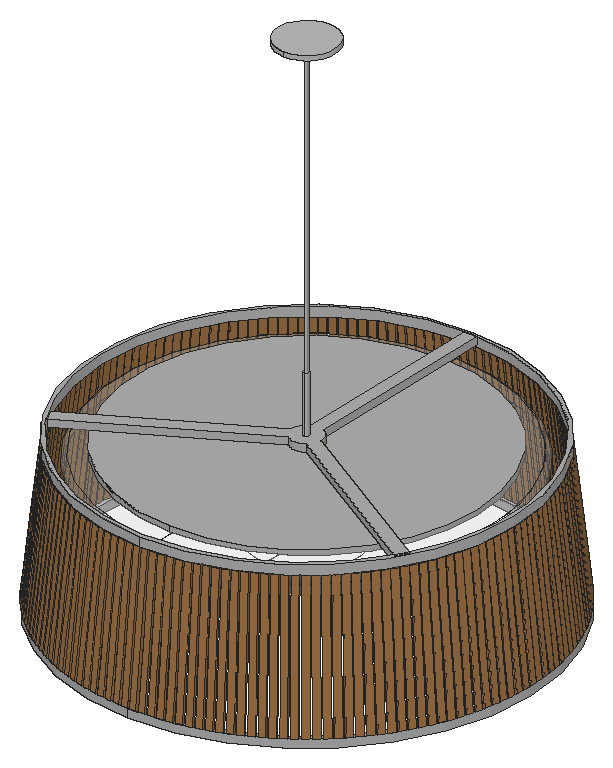
Revit family "Haworth_Solis Drum_Light_Large", category Lighting Fixtures, Revit 2018 (continued)
Automatic sketch dimensions
  Extrusion 8 sketch curve to Extrusion 8 sketch curve = 0.11749"
  Extrusion 8 sketch curve to Extrusion 8 sketch curve = 0.48647"
  Extrusion 8 sketch curve to Extrusion 8 sketch curve = 0.18796"
  Extrusion 8 sketch curve to Extrusion 8 sketch curve = 0.48741"
  Extrusion 8 sketch curve to Extrusion 8 sketch curve = 0.49948"
  Extrusion 8 sketch curve to Extrusion 8 sketch curve = 0.18828"
  Extrusion 8 sketch curve to Extrusion 8 sketch curve = 0.50013"
  Extrusion 8 sketch curve to Extrusion 8 sketch curve = 0.11815"
  Extrusion 8 sketch curve to Extrusion 8 sketch curve = 0.1183"
  Extrusion 8 sketch curve to Extrusion 8 sketch curve = 0.4896"
  Extrusion 8 sketch curve to Extrusion 8 sketch curve = 0.49035"
  Extrusion 8 sketch curve to Extrusion 8 sketch curve = 0.18903"
  Extrusion 8 sketch curve to Extrusion 8 sketch curve = 0.50266"
  Extrusion 8 sketch curve to Extrusion 8 sketch curve = 0.11881"
  Extrusion 8 sketch curve to Extrusion 8 sketch curve = 0.50318"
  Extrusion 8 sketch curve to Extrusion 8 sketch curve = 0.18928"
  Extrusion 8 sketch curve to Extrusion 8 sketch curve = 0.11893"
  Extrusion 8 sketch curve to Extrusion 8 sketch curve = 0.49203"
  Extrusion 8 sketch curve to Extrusion 8 sketch curve = 0.18982"
  Extrusion 8 sketch curve to Extrusion 8 sketch curve = 0.49257"
  Extrusion 8 sketch curve to Extrusion 8 sketch curve = 0.50512"
  Extrusion 8 sketch curve to Extrusion 8 sketch curve = 0.5055"
  Extrusion 8 sketch curve to Extrusion 8 sketch curve = 0.11931"
  Extrusion 8 sketch curve to Extrusion 8 sketch curve = 0.19"
  Extrusion 8 sketch curve to Extrusion 8 sketch curve = 0.11939"
  Extrusion 8 sketch curve to Extrusion 8 sketch curve = 0.49374"
  Extrusion 8 sketch curve to Extrusion 8 sketch curve = 0.50685"
  Extrusion 8 sketch curve to Extrusion 8 sketch curve = 0.49409"
  Extrusion 8 sketch curve to Extrusion 8 sketch curve = 0.19034"
  Extrusion 8 sketch curve to Extrusion 8 sketch curve = 0.50709"
  Extrusion 8 sketch curve to Extrusion 8 sketch curve = 0.11963"
  Extrusion 8 sketch curve to Extrusion 8 sketch curve = 0.19044"
  Extrusion 8 sketch curve to Extrusion 8 sketch curve = 0.11967"
  plane 1 "Center F/B" to Extrusion 8 sketch curve = 0.362"
  plane 1 "Center F/B" to Extrusion 8 sketch curve = 0.27675"
  plane 1 "Center F/B" to Extrusion 8 sketch curve = 0.17141"  (x2)
  Extrusion 8 sketch curve to Extrusion 8 sketch curve = 0.11978"
  plane 1 "Center F/B" to Extrusion 8 sketch curve = 0.15698"
  plane 1 "Center F/B" to Extrusion 8 sketch curve = 0.03719"
  Extrusion 8 sketch curve to plane 1 "Center F/B" = 0.0192"
  Extrusion 8 sketch curve to plane 1 "Center F/B" = 0.32361"
  Extrusion 8 sketch curve to plane 1 "Center F/B" = 0.35111"
  Extrusion 8 sketch curve to Extrusion 8 sketch curve = 0.11975"
  Extrusion 8 sketch curve to plane 1 "Center F/B" = 0.47087"
  Extrusion 8 sketch curve to Extrusion 8 sketch curve = 0.49497"
  Extrusion 8 sketch curve to Extrusion 8 sketch curve = 0.19056"
  Extrusion 8 sketch curve to Extrusion 8 sketch curve = 0.11973"
  Extrusion 8 sketch curve to Extrusion 8 sketch curve = 0.1905"
  Extrusion 8 sketch curve to Extrusion 8 sketch curve = 0.50761"
  Extrusion 8 sketch curve to Extrusion 8 sketch curve = 0.49458"
  Extrusion 8 sketch curve to Extrusion 8 sketch curve = 0.11955"
  Extrusion 8 sketch curve to Extrusion 8 sketch curve = 0.50743"
  Extrusion 8 sketch curve to Extrusion 8 sketch curve = 0.19025"
  Extrusion 8 sketch curve to Extrusion 8 sketch curve = 0.49433"
  Extrusion 8 sketch curve to Extrusion 8 sketch curve = 0.11949"
  Extrusion 8 sketch curve to Extrusion 8 sketch curve = 0.19012"
  Extrusion 8 sketch curve to Extrusion 8 sketch curve = 0.50639"
  Extrusion 8 sketch curve to Extrusion 8 sketch curve = 0.49342"
  Extrusion 8 sketch curve to Extrusion 8 sketch curve = 0.11918"
  Extrusion 8 sketch curve to Extrusion 8 sketch curve = 0.50608"
  Extrusion 8 sketch curve to Extrusion 8 sketch curve = 0.11908"
  Extrusion 8 sketch curve to Extrusion 8 sketch curve = 0.49297"
  Extrusion 8 sketch curve to Extrusion 8 sketch curve = 0.18967"
  Extrusion 8 sketch curve to Extrusion 8 sketch curve = 0.18946"
  Extrusion 8 sketch curve to Extrusion 8 sketch curve = 0.50443"
  Extrusion 8 sketch curve to Extrusion 8 sketch curve = 0.11863"
  Extrusion 8 sketch curve to Extrusion 8 sketch curve = 0.50398"
  Extrusion 8 sketch curve to Extrusion 8 sketch curve = 0.49155"
  Extrusion 8 sketch curve to Extrusion 8 sketch curve = 0.1185"
  Extrusion 8 sketch curve to Extrusion 8 sketch curve = 0.49091"
  Extrusion 8 sketch curve to Extrusion 8 sketch curve = 0.18881"
  Extrusion 8 sketch curve to Extrusion 8 sketch curve = 0.18852"
  Extrusion 8 sketch curve to Extrusion 8 sketch curve = 0.50175"
  Extrusion 8 sketch curve to Extrusion 8 sketch curve = 0.50116"
  Extrusion 8 sketch curve to Extrusion 8 sketch curve = 0.11792"
  Extrusion 8 sketch curve to Extrusion 8 sketch curve = 0.48896"
  Extrusion 8 sketch curve to Extrusion 8 sketch curve = 0.11775"
  Extrusion 8 sketch curve to Extrusion 8 sketch curve = 0.18768"
  Extrusion 8 sketch curve to Extrusion 8 sketch curve = 0.48812"
  Extrusion 8 sketch curve to Extrusion 8 sketch curve = 0.18732"
  Extrusion 8 sketch curve to Extrusion 8 sketch curve = 0.49833"
  Extrusion 8 sketch curve to Extrusion 8 sketch curve = 0.49761"
  Extrusion 8 sketch curve to Extrusion 8 sketch curve = 0.11703"
  Extrusion 8 sketch curve to Extrusion 8 sketch curve = 0.11683"
  Extrusion 8 sketch curve to Extrusion 8 sketch curve = 0.48567"
  Extrusion 8 sketch curve to Extrusion 8 sketch curve = 0.18628"
  Extrusion 8 sketch curve to Extrusion 8 sketch curve = 0.48464"
  Extrusion 8 sketch curve to Extrusion 8 sketch curve = 0.49444"
  Extrusion 8 sketch curve to Extrusion 8 sketch curve = 0.18584"
  Extrusion 8 sketch curve to Extrusion 8 sketch curve = 0.49334"
  Extrusion 8 sketch curve to Extrusion 8 sketch curve = 0.11573"
  Extrusion 8 sketch curve to Extrusion 8 sketch curve = 0.11574"
  Extrusion 8 sketch curve to Extrusion 8 sketch curve = 0.48056"
  Extrusion 8 sketch curve to Extrusion 8 sketch curve = 0.48044"
  Extrusion 8 sketch curve to Extrusion 8 sketch curve = 0.18572"
  Extrusion 8 sketch curve to Extrusion 8 sketch curve = 0.48935"
  Extrusion 8 sketch curve to Extrusion 8 sketch curve = 0.18409"
  Extrusion 8 sketch curve to Extrusion 8 sketch curve = 0.11474"
  Extrusion 8 sketch curve to Extrusion 8 sketch curve = 0.48836"
  Extrusion 8 sketch curve to Extrusion 8 sketch curve = 0.11447"
  Extrusion 8 sketch curve to Extrusion 8 sketch curve = 0.47698"
  Extrusion 8 sketch curve to Extrusion 8 sketch curve = 0.47555"
  Extrusion 8 sketch curve to Extrusion 8 sketch curve = 0.18267"
  Extrusion 8 sketch curve to Extrusion 8 sketch curve = 0.48379"
  Extrusion 8 sketch curve to Extrusion 8 sketch curve = 0.11335"
  Extrusion 8 sketch curve to Extrusion 8 sketch curve = 0.48267"
  Extrusion 8 sketch curve to Extrusion 8 sketch curve = 0.18207"
  Extrusion 8 sketch curve to Extrusion 8 sketch curve = 0.11305"
  Extrusion 8 sketch curve to Extrusion 8 sketch curve = 0.47159"
  Extrusion 8 sketch curve to Extrusion 8 sketch curve = 0.47753"
  Extrusion 8 sketch curve to Extrusion 8 sketch curve = 0.46998"
  Extrusion 8 sketch curve to Extrusion 8 sketch curve = 0.18046"
  Extrusion 8 sketch curve to Extrusion 8 sketch curve = 0.47627"
  Extrusion 8 sketch curve to Extrusion 8 sketch curve = 0.11179"
  Extrusion 8 sketch curve to Extrusion 8 sketch curve = 0.17979"
  Extrusion 8 sketch curve to Extrusion 8 sketch curve = 0.11146"
  Extrusion 8 sketch curve to Extrusion 8 sketch curve = 0.46552"
  Extrusion 8 sketch curve to Extrusion 8 sketch curve = 0.47057"
  Extrusion 8 sketch curve to Extrusion 8 sketch curve = 0.46372"
  Extrusion 8 sketch curve to Extrusion 8 sketch curve = 0.17799"
  Extrusion 8 sketch curve to Extrusion 8 sketch curve = 0.11007"
  Extrusion 8 sketch curve to Extrusion 8 sketch curve = 0.46919"
  Extrusion 8 sketch curve to Extrusion 8 sketch curve = 0.1097"
  Extrusion 8 sketch curve to Extrusion 8 sketch curve = 0.17725"
  Extrusion 8 sketch curve to Extrusion 8 sketch curve = 0.45877"
  Extrusion 8 sketch curve to Extrusion 8 sketch curve = 0.46294"
  Extrusion 8 sketch curve to Extrusion 8 sketch curve = 0.1082"
  Extrusion 8 sketch curve to Extrusion 8 sketch curve = 0.46143"
  Extrusion 8 sketch curve to Extrusion 8 sketch curve = 0.45679"
  Extrusion 8 sketch curve to Extrusion 8 sketch curve = 0.17526"
  Extrusion 8 sketch curve to Extrusion 8 sketch curve = 0.10779"
  Extrusion 8 sketch curve to Extrusion 8 sketch curve = 0.17446"
  Extrusion 8 sketch curve to Extrusion 8 sketch curve = 0.45463"
  Extrusion 8 sketch curve to Extrusion 8 sketch curve = 0.45137"
  Extrusion 8 sketch curve to Extrusion 8 sketch curve = 0.10616"
  Extrusion 8 sketch curve to Extrusion 8 sketch curve = 0.453"
  Extrusion 8 sketch curve to Extrusion 8 sketch curve = 0.17228"
  Extrusion 8 sketch curve to Extrusion 8 sketch curve = 0.4492"
  Extrusion 8 sketch curve to Extrusion 8 sketch curve = 0.10572"
  Extrusion 8 sketch curve to Extrusion 8 sketch curve = 0.1714"
  Extrusion 8 sketch curve to Extrusion 8 sketch curve = 0.44566"
  Extrusion 8 sketch curve to Extrusion 8 sketch curve = 0.4433"
  Extrusion 8 sketch curve to Extrusion 8 sketch curve = 0.10397"
  Extrusion 8 sketch curve to Extrusion 8 sketch curve = 0.4439"
  Extrusion 8 sketch curve to Extrusion 8 sketch curve = 0.10351"
  Extrusion 8 sketch curve to Extrusion 8 sketch curve = 0.16906"
  Extrusion 8 sketch curve to Extrusion 8 sketch curve = 0.44095"
  Extrusion 8 sketch curve to Extrusion 8 sketch curve = 0.1681"
  Extrusion 8 sketch curve to Extrusion 8 sketch curve = 0.43605"
  Extrusion 8 sketch curve to Extrusion 8 sketch curve = 0.10163"
  Extrusion 8 sketch curve to Extrusion 8 sketch curve = 0.43417"
  Extrusion 8 sketch curve to Extrusion 8 sketch curve = 0.43459"
  Extrusion 8 sketch curve to Extrusion 8 sketch curve = 0.10114"
  Extrusion 8 sketch curve to Extrusion 8 sketch curve = 0.43206"
  Extrusion 8 sketch curve to Extrusion 8 sketch curve = 0.16558"
  Extrusion 8 sketch curve to Extrusion 8 sketch curve = 0.16457"
  Extrusion 8 sketch curve to Extrusion 8 sketch curve = 109/256"
  Extrusion 8 sketch curve to Extrusion 8 sketch curve = 0.09914"
  Extrusion 8 sketch curve to Extrusion 8 sketch curve = 0.4238"
  Extrusion 8 sketch curve to Extrusion 8 sketch curve = 0.09862"
  Extrusion 8 sketch curve to Extrusion 8 sketch curve = 0.42525"
  Extrusion 8 sketch curve to Extrusion 8 sketch curve = 0.40591"
  Extrusion 8 sketch curve to Extrusion 8 sketch curve = 0.16186"
  Extrusion 8 sketch curve to Extrusion 8 sketch curve = 0.41494"
  Extrusion 8 sketch curve to Extrusion 8 sketch curve = 0.15956"
  Extrusion 8 sketch curve to Extrusion 8 sketch curve = 0.41283"
  Extrusion 8 sketch curve to Extrusion 8 sketch curve = 0.09651"
  Extrusion 8 sketch curve to Extrusion 8 sketch curve = 0.09596"
  Extrusion 8 sketch curve to Extrusion 8 sketch curve = 0.4153"
  Extrusion 8 sketch curve to Extrusion 8 sketch curve = 0.41266"
  Extrusion 8 sketch curve to Extrusion 8 sketch curve = 0.15792"
  Extrusion 8 sketch curve to Extrusion 8 sketch curve = 0.40347"
  Extrusion 8 sketch curve to Extrusion 8 sketch curve = 0.15557"
  Extrusion 8 sketch curve to Extrusion 8 sketch curve = 0.40125"
  Extrusion 8 sketch curve to Extrusion 8 sketch curve = 3/32"
  Extrusion 8 sketch curve to Extrusion 8 sketch curve = 0.09316"
  Extrusion 8 sketch curve to Extrusion 8 sketch curve = 0.40474"
  Extrusion 8 sketch curve to Extrusion 8 sketch curve = 0.40194"
  Extrusion 8 sketch curve to Extrusion 8 sketch curve = 0.39142"
  Extrusion 8 sketch curve to Extrusion 8 sketch curve = 0.15373"
  Extrusion 8 sketch curve to Extrusion 8 sketch curve = 0.38909"
  Extrusion 8 sketch curve to Extrusion 8 sketch curve = 0.09084"
  Extrusion 8 sketch curve to Extrusion 8 sketch curve = 0.15136"
  Extrusion 8 sketch curve to Extrusion 8 sketch curve = 0.09023"
  Extrusion 8 sketch curve to Extrusion 8 sketch curve = 0.3936"
  Extrusion 8 sketch curve to Extrusion 8 sketch curve = 0.3788"
  Extrusion 8 sketch curve to Extrusion 8 sketch curve = 25/64"
  Extrusion 8 sketch curve to Extrusion 8 sketch curve = 0.14934"
  Extrusion 8 sketch curve to Extrusion 8 sketch curve = 0.37637"
  Extrusion 8 sketch curve to Extrusion 8 sketch curve = 0.0878"
  Extrusion 8 sketch curve to Extrusion 8 sketch curve = 0.08716"
  Extrusion 8 sketch curve to Extrusion 8 sketch curve = 0.14693"
  Extrusion 8 sketch curve to Extrusion 8 sketch curve = 0.36563"
  Extrusion 8 sketch curve to Extrusion 8 sketch curve = 0.38188"
  Extrusion 8 sketch curve to Extrusion 8 sketch curve = 0.08463"
  Extrusion 8 sketch curve to Extrusion 8 sketch curve = 0.3631"
  Extrusion 8 sketch curve to Extrusion 8 sketch curve = 0.37875"
  Extrusion 8 sketch curve to Extrusion 8 sketch curve = 0.14471"
  Extrusion 8 sketch curve to Extrusion 8 sketch curve = 0.08397"
  Extrusion 8 sketch curve to Extrusion 8 sketch curve = 0.14229"
  Extrusion 8 sketch curve to Extrusion 8 sketch curve = 0.35194"
  Extrusion 8 sketch curve to Extrusion 8 sketch curve = 0.08134"
  Extrusion 8 sketch curve to Extrusion 8 sketch curve = 0.34931"
  Extrusion 8 sketch curve to Extrusion 8 sketch curve = 0.36963"
  Extrusion 8 sketch curve to Extrusion 8 sketch curve = 0.08066"
  Extrusion 8 sketch curve to Extrusion 8 sketch curve = 0.13989"
  Extrusion 8 sketch curve to Extrusion 8 sketch curve = 0.38768"
  Extrusion 8 sketch curve to Extrusion 8 sketch curve = 0.1385"
  Extrusion 8 sketch curve to Extrusion 8 sketch curve = 0.33773"
  Extrusion 8 sketch curve to Extrusion 8 sketch curve = 0.07793"
  Extrusion 8 sketch curve to Extrusion 8 sketch curve = 0.33501"
  Extrusion 8 sketch curve to Extrusion 8 sketch curve = 0.07723"
  Extrusion 8 sketch curve to Extrusion 8 sketch curve = 0.35681"
  Extrusion 8 sketch curve to Extrusion 8 sketch curve = 0.33097"
  Extrusion 8 sketch curve to Extrusion 8 sketch curve = 0.13486"
  Extrusion 8 sketch curve to Extrusion 8 sketch curve = 0.32304"
  Extrusion 8 sketch curve to Extrusion 8 sketch curve = 0.1324"
  Extrusion 8 sketch curve to Extrusion 8 sketch curve = 0.07441"
  Extrusion 8 sketch curve to Extrusion 8 sketch curve = 0.32023"
  Extrusion 8 sketch curve to Extrusion 8 sketch curve = 0.07368"
  Extrusion 8 sketch curve to Extrusion 8 sketch curve = 0.34349"
  Extrusion 8 sketch curve to Extrusion 8 sketch curve = 0.3399"
  Extrusion 8 sketch curve to Extrusion 8 sketch curve = 0.12963"
  Extrusion 8 sketch curve to Extrusion 8 sketch curve = 0.30787"
  Extrusion 8 sketch curve to Extrusion 8 sketch curve = 0.07078"
  Extrusion 8 sketch curve to Extrusion 8 sketch curve = 0.30498"
  Extrusion 8 sketch curve to Extrusion 8 sketch curve = 0.12716"
  Extrusion 8 sketch curve to Extrusion 8 sketch curve = 0.07003"
  Extrusion 8 sketch curve to Extrusion 8 sketch curve = 0.32968"
  Extrusion 8 sketch curve to Extrusion 8 sketch curve = 0.29226"
  Extrusion 8 sketch curve to Extrusion 8 sketch curve = 0.32594"
  Extrusion 8 sketch curve to Extrusion 8 sketch curve = 0.06705"
  Extrusion 8 sketch curve to Extrusion 8 sketch curve = 0.28929"
  Extrusion 8 sketch curve to Extrusion 8 sketch curve = 0.12421"
  Extrusion 8 sketch curve to Extrusion 8 sketch curve = 0.06628"
  Extrusion 8 sketch curve to Extrusion 8 sketch curve = 0.12174"
  Extrusion 8 sketch curve to Extrusion 8 sketch curve = 0.27623"
  Extrusion 8 sketch curve to Extrusion 8 sketch curve = 0.31538"
  Extrusion 8 sketch curve to Extrusion 8 sketch curve = 0.06322"
  Extrusion 8 sketch curve to Extrusion 8 sketch curve = 0.27317"
  Extrusion 8 sketch curve to Extrusion 8 sketch curve = 0.06244"
  Extrusion 8 sketch curve to Extrusion 8 sketch curve = 0.31151"
  Extrusion 8 sketch curve to Extrusion 8 sketch curve = 0.11862"
  Extrusion 8 sketch curve to Extrusion 8 sketch curve = 0.11614"
  Extrusion 8 sketch curve to Extrusion 8 sketch curve = 0.25979"
  Extrusion 8 sketch curve to Extrusion 8 sketch curve = 0.25666"
  Extrusion 8 sketch curve to Extrusion 8 sketch curve = 0.05931"
  Extrusion 8 sketch curve to Extrusion 8 sketch curve = 0.0585"
  Extrusion 8 sketch curve to Extrusion 8 sketch curve = 0.30062"
  Extrusion 8 sketch curve to Extrusion 8 sketch curve = 0.29662"
  Extrusion 8 sketch curve to Extrusion 8 sketch curve = 0.11286"
  Extrusion 8 sketch curve to Extrusion 8 sketch curve = 0.24298"
  Extrusion 8 sketch curve to Extrusion 8 sketch curve = 0.11037"
  Extrusion 8 sketch curve to Extrusion 8 sketch curve = 0.23978"
  Extrusion 8 sketch curve to Extrusion 8 sketch curve = 0.0553"
  Extrusion 8 sketch curve to Extrusion 8 sketch curve = 0.05448"
  Extrusion 8 sketch curve to Extrusion 8 sketch curve = 0.28543"
  Extrusion 8 sketch curve to Extrusion 8 sketch curve = 0.22581"
  Extrusion 8 sketch curve to Extrusion 8 sketch curve = 0.28131"
  Extrusion 8 sketch curve to Extrusion 8 sketch curve = 0.22255"
  Extrusion 8 sketch curve to Extrusion 8 sketch curve = 0.05122"
  Extrusion 8 sketch curve to Extrusion 8 sketch curve = 0.10692"
  Extrusion 8 sketch curve to Extrusion 8 sketch curve = 0.05038"
  Extrusion 8 sketch curve to Extrusion 8 sketch curve = 0.10444"
  Extrusion 8 sketch curve to Extrusion 8 sketch curve = 0.20832"
  Extrusion 8 sketch curve to Extrusion 8 sketch curve = 0.205"
  Extrusion 8 sketch curve to Extrusion 8 sketch curve = 0.04706"
  Extrusion 8 sketch curve to Extrusion 8 sketch curve = 0.26982"
  Extrusion 8 sketch curve to Extrusion 8 sketch curve = 0.0462"
  Extrusion 8 sketch curve to Extrusion 8 sketch curve = 0.26558"
  Extrusion 8 sketch curve to Extrusion 8 sketch curve = 0.10085"
  Extrusion 8 sketch curve to Extrusion 8 sketch curve = 0.19052"
  Extrusion 8 sketch curve to Extrusion 8 sketch curve = 0.09836"
  Extrusion 8 sketch curve to Extrusion 8 sketch curve = 0.18715"
  Extrusion 8 sketch curve to Extrusion 8 sketch curve = 0.04284"
  Extrusion 8 sketch curve to Extrusion 8 sketch curve = 0.04196"
  Extrusion 8 sketch curve to Extrusion 8 sketch curve = 0.25382"
  Extrusion 8 sketch curve to Extrusion 8 sketch curve = 0.17245"
  Extrusion 8 sketch curve to Extrusion 8 sketch curve = 0.16903"
  Extrusion 8 sketch curve to Extrusion 8 sketch curve = 0.03855"
  Extrusion 8 sketch curve to Extrusion 8 sketch curve = 0.24947"
  Extrusion 8 sketch curve to Extrusion 8 sketch curve = 0.03766"
  Extrusion 8 sketch curve to Extrusion 8 sketch curve = 0.09462"
  Extrusion 8 sketch curve to Extrusion 8 sketch curve = 0.09214"
  Extrusion 8 sketch curve to Extrusion 8 sketch curve = 0.15412"
  Extrusion 8 sketch curve to Extrusion 8 sketch curve = 0.03419"
  Extrusion 8 sketch curve to Extrusion 8 sketch curve = 0.15067"
  Extrusion 8 sketch curve to Extrusion 8 sketch curve = 0.03331"
  Extrusion 8 sketch curve to Extrusion 8 sketch curve = 0.23746"
  Extrusion 8 sketch curve to Extrusion 8 sketch curve = 0.13559"
  Extrusion 8 sketch curve to Extrusion 8 sketch curve = 0.0298"
  Extrusion 8 sketch curve to Extrusion 8 sketch curve = 0.233"
  Extrusion 8 sketch curve to Extrusion 8 sketch curve = 0.13209"
  Extrusion 8 sketch curve to Extrusion 8 sketch curve = 0.08824"
  Extrusion 8 sketch curve to Extrusion 8 sketch curve = 0.0289"
  Extrusion 8 sketch curve to Extrusion 8 sketch curve = 0.08578"
  Extrusion 8 sketch curve to Extrusion 8 sketch curve = 0.11685"
  Extrusion 8 sketch curve to Extrusion 8 sketch curve = 0.11331"
  Extrusion 8 sketch curve to Extrusion 8 sketch curve = 0.02445"
  Extrusion 8 sketch curve to Extrusion 8 sketch curve = 0.02536"
  Extrusion 8 sketch curve to Extrusion 8 sketch curve = 0.22076"
  Extrusion 8 sketch curve to Extrusion 8 sketch curve = 0.09794"
  Extrusion 8 sketch curve to Extrusion 8 sketch curve = 0.09438"
  Extrusion 8 sketch curve to Extrusion 8 sketch curve = 0.01996"
  Extrusion 8 sketch curve to Extrusion 8 sketch curve = 0.02088"
  Extrusion 8 sketch curve to Extrusion 8 sketch curve = 0.2162"
  Extrusion 8 sketch curve to Extrusion 8 sketch curve = 0.08175"
  Extrusion 8 sketch curve to Extrusion 8 sketch curve = 0.07889"
  Extrusion 8 sketch curve to Extrusion 8 sketch curve = 0.07531"
  Extrusion 8 sketch curve to Extrusion 8 sketch curve = 0.0793"
  Extrusion 8 sketch curve to Extrusion 8 sketch curve = 0.01545"
  Extrusion 8 sketch curve to Extrusion 8 sketch curve = 0.01638"
  Extrusion 8 sketch curve to Extrusion 8 sketch curve = 0.05973"
  Extrusion 8 sketch curve to Extrusion 8 sketch curve = 0.05612"
  Extrusion 8 sketch curve to Extrusion 8 sketch curve = 0.01092"
  Extrusion 8 sketch curve to Extrusion 8 sketch curve = 0.01185"
  Extrusion 8 sketch curve to Extrusion 8 sketch curve = 0.03684"
  Extrusion 8 sketch curve to Extrusion 8 sketch curve = 0.04047"
  Extrusion 8 sketch curve to Extrusion 8 sketch curve = 0.00638"
  Extrusion 8 sketch curve to Extrusion 8 sketch curve = 0.0073"
  Extrusion 8 sketch curve to plane 3 "Center L/R" = 0.43369"
  Extrusion 8 sketch curve to Extrusion 8 sketch curve = 0.02116"
  plane 3 "Center L/R" to Extrusion 8 sketch curve = 0.31393"
  Extrusion 8 sketch curve to Extrusion 8 sketch curve = 0.01753"
  plane 3 "Center L/R" to Extrusion 8 sketch curve = 0.19415"
  Extrusion 8 sketch curve to Extrusion 8 sketch curve = 0.00202"
  Extrusion 8 sketch curve to plane 3 "Center L/R" = 0.31394"
  Extrusion 8 sketch curve to Extrusion 8 sketch curve = 0.00274"
  Extrusion 8 sketch curve to Extrusion 8 sketch curve = 0.20372"
  Extrusion 8 sketch curve to Extrusion 8 sketch curve = 0.19907"
  Extrusion 8 sketch curve to Extrusion 8 sketch curve = 0.07514"
  Extrusion 8 sketch curve to Extrusion 8 sketch curve = 0.07271"
  Extrusion 8 sketch curve to Extrusion 8 sketch curve = 0.1864"
  Extrusion 8 sketch curve to Extrusion 8 sketch curve = 0.0684"
  Extrusion 8 sketch curve to Extrusion 8 sketch curve = 0.21089"
  Extrusion 8 sketch curve to Extrusion 8 sketch curve = 0.0665"
  Extrusion 8 sketch curve to Extrusion 8 sketch curve = 0.16882"
  Extrusion 8 sketch curve to Extrusion 8 sketch curve = 0.13427"
  Extrusion 8 sketch curve to Extrusion 8 sketch curve = 0.06159"
  Extrusion 8 sketch curve to Extrusion 8 sketch curve = 0.05921"
  Extrusion 8 sketch curve to Extrusion 8 sketch curve = 0.15097"
  Extrusion 8 sketch curve to Extrusion 8 sketch curve = 0.14608"
  Extrusion 8 sketch curve to Extrusion 8 sketch curve = 7/128"
  Extrusion 8 sketch curve to Extrusion 8 sketch curve = 0.05233"
  Extrusion 8 sketch curve to Extrusion 8 sketch curve = 0.13291"
  Extrusion 8 sketch curve to Extrusion 8 sketch curve = 0.04769"
  Extrusion 8 sketch curve to Extrusion 8 sketch curve = 0.12796"
  Extrusion 8 sketch curve to Extrusion 8 sketch curve = 0.04537"
  Extrusion 8 sketch curve to plane 5 = 0.41852"
  Extrusion 8 sketch curve to plane 5 = 0.42858"
  Extrusion 8 sketch curve to Extrusion 8 sketch curve = 0.03835"
  Extrusion 8 sketch curve to Extrusion 8 sketch curve = 0.04063"
  Extrusion 8 sketch curve to plane 5 = 0.28899"
  Extrusion 8 sketch curve to plane 5 = 0.29171"
  Extrusion 8 sketch curve to Extrusion 8 sketch curve = 0.03351"
  Extrusion 8 sketch curve to Extrusion 8 sketch curve = 1/32"
  Extrusion 8 sketch curve to plane 5 = 0.18051"
  Extrusion 8 sketch curve to plane 5 = 0.18515"
  Extrusion 8 sketch curve to plane 5 = 0.15417"
  Extrusion 8 sketch curve to plane 5 = 0.161"
  Extrusion 8 sketch curve to plane 5 = 0.07289"
  Extrusion 8 sketch curve to plane 5 = 0.09515"
  Extrusion 8 sketch curve to plane 5 = 0.07027"
  Extrusion 8 sketch curve to plane 5 = 0.07602"
  plane 5 to Extrusion 8 sketch curve = 0.00225"
  plane 5 to Extrusion 8 sketch curve = 0"
  Extrusion 8 sketch curve to plane 5 = 0.03575"
  plane 5 to Extrusion 8 sketch curve = 0.00312"
  plane 5 to Extrusion 8 sketch curve = 0.00487"
  Extrusion 8 sketch curve to plane 5 = 0.02387"
  plane 5 to Extrusion 8 sketch curve = 0.00575"
  Extrusion 8 sketch curve to Extrusion 8 sketch curve = 0.03036"
  Extrusion 8 sketch curve to Extrusion 8 sketch curve = 0.02616"
  Extrusion 8 sketch curve to Extrusion 8 sketch curve = 0.00805"
  Extrusion 8 sketch curve to Extrusion 8 sketch curve = 0.00645"
  Extrusion 8 sketch curve to Extrusion 8 sketch curve = 0.00079"
  Extrusion 8 sketch curve to Extrusion 8 sketch curve = 1.51633"
  Extrusion 8 sketch curve to Extrusion 8 sketch curve = 0.00067"
  Extrusion 8 sketch curve to Extrusion 8 sketch curve = 0.00666"
  Extrusion 8 sketch curve to Extrusion 8 sketch curve = 0.00388"
  Extrusion 8 sketch curve to Extrusion 8 sketch curve = 0.0127"
  Extrusion 8 sketch curve to Extrusion 8 sketch curve = 0.00523"
  Extrusion 8 sketch curve to Extrusion 8 sketch curve = 0.02599"
  Extrusion 8 sketch curve to Extrusion 8 sketch curve = 0.00844"
  Extrusion 8 sketch curve to Extrusion 8 sketch curve = 0.03203"
  Extrusion 8 sketch curve to Extrusion 8 sketch curve = 0.00978"
  Extrusion 8 sketch curve to Extrusion 8 sketch curve = 0.04529"
  Extrusion 8 sketch curve to Extrusion 8 sketch curve = 0.01298"
  Extrusion 8 sketch curve to Extrusion 8 sketch curve = 0.05131"
  Extrusion 8 sketch curve to Extrusion 8 sketch curve = 0.01433"
  Extrusion 8 sketch curve to Extrusion 8 sketch curve = 0.06453"
  Extrusion 8 sketch curve to Extrusion 8 sketch curve = 0.01751"
  Extrusion 8 sketch curve to Extrusion 8 sketch curve = 0.07051"
  Extrusion 8 sketch curve to Extrusion 8 sketch curve = 0.01885"
  Extrusion 8 sketch curve to Extrusion 8 sketch curve = 0.08367"
  Extrusion 8 sketch curve to Extrusion 8 sketch curve = 0.022"
  Extrusion 8 sketch curve to Extrusion 8 sketch curve = 0.08961"
  Extrusion 8 sketch curve to Extrusion 8 sketch curve = 0.02334"
  Extrusion 8 sketch curve to Extrusion 8 sketch curve = 0.10269"
  Extrusion 8 sketch curve to Extrusion 8 sketch curve = 0.02647"
  Extrusion 8 sketch curve to Extrusion 8 sketch curve = 0.10859"
  Extrusion 8 sketch curve to Extrusion 8 sketch curve = 0.02779"
  Extrusion 8 sketch curve to Extrusion 8 sketch curve = 0.12156"
  Extrusion 8 sketch curve to Extrusion 8 sketch curve = 0.0309"
  Extrusion 8 sketch curve to Extrusion 8 sketch curve = 0.12741"
  Extrusion 8 sketch curve to Extrusion 8 sketch curve = 0.03221"
  Extrusion 8 sketch curve to Extrusion 8 sketch curve = 0.14025"
  Extrusion 8 sketch curve to Extrusion 8 sketch curve = 0.03528"
  Extrusion 8 sketch curve to Extrusion 8 sketch curve = 0.14604"
  Extrusion 8 sketch curve to Extrusion 8 sketch curve = 0.03658"
  Extrusion 8 sketch curve to Extrusion 8 sketch curve = 0.15874"
  Extrusion 8 sketch curve to Extrusion 8 sketch curve = 0.03961"
  Extrusion 8 sketch curve to Extrusion 8 sketch curve = 0.16446"
  Extrusion 8 sketch curve to Extrusion 8 sketch curve = 0.04089"
  Extrusion 8 sketch curve to Extrusion 8 sketch curve = 0.177"
  Extrusion 8 sketch curve to Extrusion 8 sketch curve = 0.04389"
  Extrusion 8 sketch curve to Extrusion 8 sketch curve = 0.18265"
  Extrusion 8 sketch curve to Extrusion 8 sketch curve = 0.04515"
  Extrusion 8 sketch curve to Extrusion 8 sketch curve = 0.19499"
  Extrusion 8 sketch curve to Extrusion 8 sketch curve = 0.04811"
  Extrusion 8 sketch curve to Extrusion 8 sketch curve = 0.20056"
  Extrusion 8 sketch curve to Extrusion 8 sketch curve = 0.04934"
  Extrusion 8 sketch curve to Extrusion 8 sketch curve = 0.21272"
  Extrusion 8 sketch curve to Extrusion 8 sketch curve = 0.05225"
  Extrusion 8 sketch curve to Extrusion 8 sketch curve = 0.21819"
  Extrusion 8 sketch curve to Extrusion 8 sketch curve = 0.05346"
  Extrusion 8 sketch curve to Extrusion 8 sketch curve = 0.10974"
  Extrusion 8 sketch curve to Extrusion 8 sketch curve = 0.23013"
  Extrusion 8 sketch curve to Extrusion 8 sketch curve = 0.05632"
  Extrusion 8 sketch curve to Extrusion 8 sketch curve = 0.2355"
  Extrusion 8 sketch curve to Extrusion 8 sketch curve = 0.28941"
  Extrusion 8 sketch curve to Extrusion 8 sketch curve = 0.05749"
  Extrusion 8 sketch curve to Extrusion 8 sketch curve = 0.29266"
  Extrusion 8 sketch curve to Extrusion 8 sketch curve = 0.11343"
  Extrusion 8 sketch curve to Extrusion 8 sketch curve = 0.24722"
  Extrusion 8 sketch curve to Extrusion 8 sketch curve = 0.11559"
  Extrusion 8 sketch curve to Extrusion 8 sketch curve = 0.06029"
  Extrusion 8 sketch curve to Extrusion 8 sketch curve = 0.25248"
  Extrusion 8 sketch curve to Extrusion 8 sketch curve = 0.06145"
  Extrusion 8 sketch curve to Extrusion 8 sketch curve = 0.3045"
  Extrusion 8 sketch curve to Extrusion 8 sketch curve = 0.26394"
  Extrusion 8 sketch curve to Extrusion 8 sketch curve = 0.30765"
  Extrusion 8 sketch curve to Extrusion 8 sketch curve = 0.11912"
  Extrusion 8 sketch curve to Extrusion 8 sketch curve = 0.06419"
  Extrusion 8 sketch curve to Extrusion 8 sketch curve = 0.26909"
  Extrusion 8 sketch curve to Extrusion 8 sketch curve = 0.12128"
  Extrusion 8 sketch curve to Extrusion 8 sketch curve = 0.06532"
  Extrusion 8 sketch curve to Extrusion 8 sketch curve = 0.28027"
  Extrusion 8 sketch curve to Extrusion 8 sketch curve = 0.31915"
  Extrusion 8 sketch curve to Extrusion 8 sketch curve = 0.068"
  Extrusion 8 sketch curve to Extrusion 8 sketch curve = 0.32218"
  Extrusion 8 sketch curve to Extrusion 8 sketch curve = 0.2853"
  Extrusion 8 sketch curve to Extrusion 8 sketch curve = 0.12462"
  Extrusion 8 sketch curve to Extrusion 8 sketch curve = 0.06911"
  Extrusion 8 sketch curve to Extrusion 8 sketch curve = 0.12678"
  Extrusion 8 sketch curve to Extrusion 8 sketch curve = 0.29621"
  Extrusion 8 sketch curve to Extrusion 8 sketch curve = 0.0717"
  Extrusion 8 sketch curve to Extrusion 8 sketch curve = 0.31052"
  Extrusion 8 sketch curve to Extrusion 8 sketch curve = 0.30109"
  Extrusion 8 sketch curve to Extrusion 8 sketch curve = 0.07278"
  Extrusion 8 sketch curve to Extrusion 8 sketch curve = 0.33627"
  Extrusion 8 sketch curve to Extrusion 8 sketch curve = 0.13096"
  Extrusion 8 sketch curve to Extrusion 8 sketch curve = 0.13211"
  Extrusion 8 sketch curve to Extrusion 8 sketch curve = 0.31171"
  Extrusion 8 sketch curve to Extrusion 8 sketch curve = 0.0753"
  Extrusion 8 sketch curve to Extrusion 8 sketch curve = 0.31645"
  Extrusion 8 sketch curve to Extrusion 8 sketch curve = 0.07635"
  Extrusion 8 sketch curve to Extrusion 8 sketch curve = 0.36886"
  Extrusion 8 sketch curve to Extrusion 8 sketch curve = 0.34985"
  Extrusion 8 sketch curve to Extrusion 8 sketch curve = 0.13509"
  Extrusion 8 sketch curve to Extrusion 8 sketch curve = 0.32676"
  Extrusion 8 sketch curve to Extrusion 8 sketch curve = 0.13725"
  Extrusion 8 sketch curve to Extrusion 8 sketch curve = 0.07879"
  Extrusion 8 sketch curve to Extrusion 8 sketch curve = 0.33136"
  Extrusion 8 sketch curve to Extrusion 8 sketch curve = 0.07981"
  Extrusion 8 sketch curve to Extrusion 8 sketch curve = 0.36025"
  Extrusion 8 sketch curve to Extrusion 8 sketch curve = 0.36293"
  Extrusion 8 sketch curve to Extrusion 8 sketch curve = 0.34133"
  Extrusion 8 sketch curve to Extrusion 8 sketch curve = 0.14003"
  Extrusion 8 sketch curve to Extrusion 8 sketch curve = 0.08217"
  Extrusion 8 sketch curve to Extrusion 8 sketch curve = 0.14218"
  Extrusion 8 sketch curve to Extrusion 8 sketch curve = 0.34578"
  Extrusion 8 sketch curve to Extrusion 8 sketch curve = 0.08315"
  Extrusion 8 sketch curve to Extrusion 8 sketch curve = 0.37293"
  Extrusion 8 sketch curve to Extrusion 8 sketch curve = 0.35542"
  Extrusion 8 sketch curve to Extrusion 8 sketch curve = 0.37549"
  Extrusion 8 sketch curve to Extrusion 8 sketch curve = 0.08543"
  Extrusion 8 sketch curve to Extrusion 8 sketch curve = 0.14477"
  Extrusion 8 sketch curve to Extrusion 8 sketch curve = 0.3597"
  Extrusion 8 sketch curve to Extrusion 8 sketch curve = 0.14692"
  Extrusion 8 sketch curve to Extrusion 8 sketch curve = 0.08638"
  Extrusion 8 sketch curve to Extrusion 8 sketch curve = 0.36898"
  Extrusion 8 sketch curve to Extrusion 8 sketch curve = 0.38506"
  Extrusion 8 sketch curve to Extrusion 8 sketch curve = 0.08856"
  Extrusion 8 sketch curve to Extrusion 8 sketch curve = 0.38749"
  Extrusion 8 sketch curve to Extrusion 8 sketch curve = 0.37311"
  Extrusion 8 sketch curve to Extrusion 8 sketch curve = 0.1493"
  Extrusion 8 sketch curve to Extrusion 8 sketch curve = 0.08947"
  Extrusion 8 sketch curve to Extrusion 8 sketch curve = 0.15143"
  Extrusion 8 sketch curve to Extrusion 8 sketch curve = 0.38201"
  Extrusion 8 sketch curve to Extrusion 8 sketch curve = 0.09157"
  Extrusion 8 sketch curve to Extrusion 8 sketch curve = 0.39664"
  Extrusion 8 sketch curve to Extrusion 8 sketch curve = 0.38597"
  Extrusion 8 sketch curve to Extrusion 8 sketch curve = 0.39894"
  Extrusion 8 sketch curve to Extrusion 8 sketch curve = 0.09244"
  Extrusion 8 sketch curve to Extrusion 8 sketch curve = 0.15361"  (x2)
  Extrusion 8 sketch curve to Extrusion 8 sketch curve = 0.15573"
  Extrusion 8 sketch curve to Extrusion 8 sketch curve = 0.39448"
  Extrusion 8 sketch curve to Extrusion 8 sketch curve = 0.09445"
  Extrusion 8 sketch curve to Extrusion 8 sketch curve = 0.39827"
  Extrusion 8 sketch curve to Extrusion 8 sketch curve = 0.40765"
  Extrusion 8 sketch curve to Extrusion 8 sketch curve = 0.09527"
  Extrusion 8 sketch curve to Extrusion 8 sketch curve = 0.40981"
  Extrusion 8 sketch curve to Extrusion 8 sketch curve = 0.1577"
  Extrusion 8 sketch curve to Extrusion 8 sketch curve = 0.15981"
  Extrusion 8 sketch curve to Extrusion 8 sketch curve = 0.40639"
  Extrusion 8 sketch curve to Extrusion 8 sketch curve = 0.09719"
  Extrusion 8 sketch curve to Extrusion 8 sketch curve = 0.40999"
  Extrusion 8 sketch curve to Extrusion 8 sketch curve = 0.09797"
  Extrusion 8 sketch curve to Extrusion 8 sketch curve = 0.41806"
  Extrusion 8 sketch curve to Extrusion 8 sketch curve = 0.42008"
  Extrusion 8 sketch curve to Extrusion 8 sketch curve = 0.16157"
  Extrusion 8 sketch curve to Extrusion 8 sketch curve = 0.4177"
  Extrusion 8 sketch curve to Extrusion 8 sketch curve = 0.16364"
  Extrusion 8 sketch curve to Extrusion 8 sketch curve = 0.09978"
  Extrusion 8 sketch curve to Extrusion 8 sketch curve = 0.42112"
  Extrusion 8 sketch curve to Extrusion 8 sketch curve = 0.10052"
  Extrusion 8 sketch curve to Extrusion 8 sketch curve = 0.42787"
  Extrusion 8 sketch curve to Extrusion 8 sketch curve = 0.42975"
  Extrusion 8 sketch curve to Extrusion 8 sketch curve = 0.16519"
  Extrusion 8 sketch curve to Extrusion 8 sketch curve = 0.42842"
  Extrusion 8 sketch curve to Extrusion 8 sketch curve = 0.16724"
  Extrusion 8 sketch curve to Extrusion 8 sketch curve = 0.10223"
  Extrusion 8 sketch curve to Extrusion 8 sketch curve = 0.43164"
  Extrusion 8 sketch curve to Extrusion 8 sketch curve = 0.10292"
  Extrusion 8 sketch curve to Extrusion 8 sketch curve = 0.43706"
  Extrusion 8 sketch curve to Extrusion 8 sketch curve = 0.43879"
  Extrusion 8 sketch curve to Extrusion 8 sketch curve = 0.43851"
  Extrusion 8 sketch curve to Extrusion 8 sketch curve = 0.16858"
  Extrusion 8 sketch curve to Extrusion 8 sketch curve = 0.10453"
  Extrusion 8 sketch curve to Extrusion 8 sketch curve = 0.1706"
  Extrusion 8 sketch curve to Extrusion 8 sketch curve = 0.44153"
  Extrusion 8 sketch curve to Extrusion 8 sketch curve = 0.10518"
  Extrusion 8 sketch curve to Extrusion 8 sketch curve = 0.44561"
  Extrusion 8 sketch curve to Extrusion 8 sketch curve = 0.44796"
  Extrusion 8 sketch curve to Extrusion 8 sketch curve = 0.4472"
  Extrusion 8 sketch curve to Extrusion 8 sketch curve = 0.17172"
  Extrusion 8 sketch curve to Extrusion 8 sketch curve = 0.10668"
  Extrusion 8 sketch curve to Extrusion 8 sketch curve = 0.45079"
  Extrusion 8 sketch curve to Extrusion 8 sketch curve = 0.17371"
  Extrusion 8 sketch curve to Extrusion 8 sketch curve = 0.10729"
  Extrusion 8 sketch curve to Extrusion 8 sketch curve = 0.45352"
  Extrusion 8 sketch curve to Extrusion 8 sketch curve = 0.45677"
  Extrusion 8 sketch curve to Extrusion 8 sketch curve = 0.10868"
  Extrusion 8 sketch curve to Extrusion 8 sketch curve = 0.45495"
  Extrusion 8 sketch curve to Extrusion 8 sketch curve = 0.17462"
  Extrusion 8 sketch curve to Extrusion 8 sketch curve = 0.45938"
  Extrusion 8 sketch curve to Extrusion 8 sketch curve = 0.10924"
  Extrusion 8 sketch curve to Extrusion 8 sketch curve = 0.17658"
  Extrusion 8 sketch curve to Extrusion 8 sketch curve = 0.46491"
  Extrusion 8 sketch curve to Extrusion 8 sketch curve = 0.44971"
  Extrusion 8 sketch curve to Extrusion 8 sketch curve = 0.11052"
  Extrusion 8 sketch curve to Extrusion 8 sketch curve = 0.46731"
  Extrusion 8 sketch curve to Extrusion 8 sketch curve = 0.46205"
  Extrusion 8 sketch curve to Extrusion 8 sketch curve = 0.17863"
  Extrusion 8 sketch curve to Extrusion 8 sketch curve = 0.11104"
  Extrusion 8 sketch curve to Extrusion 8 sketch curve = 0.17918"
  Extrusion 8 sketch curve to Extrusion 8 sketch curve = 0.47238"
  Extrusion 8 sketch curve to Extrusion 8 sketch curve = 0.1122"
  Extrusion 8 sketch curve to Extrusion 8 sketch curve = 0.47704"
  Extrusion 8 sketch curve to Extrusion 8 sketch curve = 0.47457"
  Extrusion 8 sketch curve to Extrusion 8 sketch curve = 0.46848"
  Extrusion 8 sketch curve to Extrusion 8 sketch curve = 0.11267"
  Extrusion 8 sketch curve to Extrusion 8 sketch curve = 0.17965"
  Extrusion 8 sketch curve to Extrusion 8 sketch curve = 0.47916"
  Extrusion 8 sketch curve to Extrusion 8 sketch curve = 0.11371"
  Extrusion 8 sketch curve to Extrusion 8 sketch curve = 0.47326"
  Extrusion 8 sketch curve to Extrusion 8 sketch curve = 0.48113"
  Extrusion 8 sketch curve to Extrusion 8 sketch curve = 0.11413"
  Extrusion 8 sketch curve to Extrusion 8 sketch curve = 0.47423"
  Extrusion 8 sketch curve to Extrusion 8 sketch curve = 0.18177"
  Extrusion 8 sketch curve to Extrusion 8 sketch curve = 47/256"
  Extrusion 8 sketch curve to Extrusion 8 sketch curve = 0.48525"
  Extrusion 8 sketch curve to Extrusion 8 sketch curve = 0.11507"
  Extrusion 8 sketch curve to Extrusion 8 sketch curve = 0.487"
  Extrusion 8 sketch curve to Extrusion 8 sketch curve = 0.47848"
  Extrusion 8 sketch curve to Extrusion 8 sketch curve = 0.11544"
  Extrusion 8 sketch curve to Extrusion 8 sketch curve = 0.47928"
  Extrusion 8 sketch curve to Extrusion 8 sketch curve = 0.18363"
  Extrusion 8 sketch curve to Extrusion 8 sketch curve = 0.18542"
  Extrusion 8 sketch curve to Extrusion 8 sketch curve = 0.49063"
  Extrusion 8 sketch curve to Extrusion 8 sketch curve = 0.11625"
  Extrusion 8 sketch curve to Extrusion 8 sketch curve = 0.49216"
  Extrusion 8 sketch curve to Extrusion 8 sketch curve = 0.483"
  Extrusion 8 sketch curve to Extrusion 8 sketch curve = 0.11657"
  Extrusion 8 sketch curve to Extrusion 8 sketch curve = 0.48365"
  Extrusion 8 sketch curve to Extrusion 8 sketch curve = 0.18522"
  Extrusion 8 sketch curve to Extrusion 8 sketch curve = 0.4953"
  Extrusion 8 sketch curve to Extrusion 8 sketch curve = 0.18697"
  Extrusion 8 sketch curve to Extrusion 8 sketch curve = 0.11727"
  Extrusion 8 sketch curve to Extrusion 8 sketch curve = 0.49661"
  Extrusion 8 sketch curve to Extrusion 8 sketch curve = 0.11754"
  Extrusion 8 sketch curve to Extrusion 8 sketch curve = 0.48682"
  Extrusion 8 sketch curve to Extrusion 8 sketch curve = 0.48732"
  Extrusion 8 sketch curve to Extrusion 8 sketch curve = 0.18655"
  Extrusion 8 sketch curve to Extrusion 8 sketch curve = 0.49926"
  Extrusion 8 sketch curve to Extrusion 8 sketch curve = 0.18825"
  Extrusion 8 sketch curve to Extrusion 8 sketch curve = 0.11811"
  Extrusion 8 sketch curve to Extrusion 8 sketch curve = 0.50034"
  Extrusion 8 sketch curve to Extrusion 8 sketch curve = 0.11833"
  Extrusion 8 sketch curve to Extrusion 8 sketch curve = 0.48994"
  Extrusion 8 sketch curve to Extrusion 8 sketch curve = 0.49028"
  Extrusion 8 sketch curve to Extrusion 8 sketch curve = 0.18761"
  Extrusion 8 sketch curve to Extrusion 8 sketch curve = 0.50249"
  Extrusion 8 sketch curve to Extrusion 8 sketch curve = 0.11879"
  Extrusion 8 sketch curve to Extrusion 8 sketch curve = 0.18925"
  Extrusion 8 sketch curve to Extrusion 8 sketch curve = 0.50335"
  Extrusion 8 sketch curve to Extrusion 8 sketch curve = 0.11895"
  Extrusion 8 sketch curve to Extrusion 8 sketch curve = 0.48908"
  Extrusion 8 sketch curve to Extrusion 8 sketch curve = 0.50499"
  Extrusion 8 sketch curve to Extrusion 8 sketch curve = 0.49252"
  Extrusion 8 sketch curve to Extrusion 8 sketch curve = 0.19069"
  Extrusion 8 sketch curve to Extrusion 8 sketch curve = 0.11929"
  Extrusion 8 sketch curve to Extrusion 8 sketch curve = 0.50562"
  Extrusion 8 sketch curve to Extrusion 8 sketch curve = 0.18998"
  Extrusion 8 sketch curve to Extrusion 8 sketch curve = 0.1194"
  Extrusion 8 sketch curve to Extrusion 8 sketch curve = 0.49168"
  Extrusion 8 sketch curve to Extrusion 8 sketch curve = 0.50676"
  Extrusion 8 sketch curve to Extrusion 8 sketch curve = 0.49406"
  Extrusion 8 sketch curve to Extrusion 8 sketch curve = 0.19169"
  Extrusion 8 sketch curve to Extrusion 8 sketch curve = 0.11962"
  Extrusion 8 sketch curve to Extrusion 8 sketch curve = 0.19043"
  plane 3 "Center L/R" to Extrusion 8 sketch curve = 0.3428"
  plane 3 "Center L/R" to Extrusion 8 sketch curve = 0.19061"
  plane 3 "Center L/R" to Extrusion 8 sketch curve = 0.15221"
  Extrusion 8 sketch curve to plane 3 "Center L/R" = 0.34276"
  Extrusion 8 sketch curve to plane 3 "Center L/R" = 0.49497"
  Extrusion 8 sketch curve to Extrusion 8 sketch curve = 0.19076"
  Extrusion 8 sketch curve to Extrusion 8 sketch curve = 0.19051"
  Extrusion 8 sketch curve to Extrusion 8 sketch curve = 0.50766"
  Extrusion 8 sketch curve to Extrusion 8 sketch curve = 0.4944"
  Extrusion 8 sketch curve to Extrusion 8 sketch curve = 0.11957"
  Extrusion 8 sketch curve to Extrusion 8 sketch curve = 0.50737"
  Extrusion 8 sketch curve to Extrusion 8 sketch curve = 0.49435"
  Extrusion 8 sketch curve to Extrusion 8 sketch curve = 0.19024"
  Extrusion 8 sketch curve to Extrusion 8 sketch curve = 0.11948"
  Extrusion 8 sketch curve to Extrusion 8 sketch curve = 0.19013"
  Extrusion 8 sketch curve to Extrusion 8 sketch curve = 0.50648"
  Extrusion 8 sketch curve to Extrusion 8 sketch curve = 0.49338"
  Extrusion 8 sketch curve to Extrusion 8 sketch curve = 0.1192"
  Extrusion 8 sketch curve to Extrusion 8 sketch curve = 0.50597"
  Extrusion 8 sketch curve to Extrusion 8 sketch curve = 0.49302"
  Extrusion 8 sketch curve to Extrusion 8 sketch curve = 0.11906"
  Extrusion 8 sketch curve to Extrusion 8 sketch curve = 0.18965"
  Extrusion 8 sketch curve to Extrusion 8 sketch curve = 0.18948"
  Extrusion 8 sketch curve to Extrusion 8 sketch curve = 0.50458"
  Extrusion 8 sketch curve to Extrusion 8 sketch curve = 0.11866"
  Extrusion 8 sketch curve to Extrusion 8 sketch curve = 0.50383"
  Extrusion 8 sketch curve to Extrusion 8 sketch curve = 0.49149"
  Extrusion 8 sketch curve to Extrusion 8 sketch curve = 0.11847"
  Extrusion 8 sketch curve to Extrusion 8 sketch curve = 0.49097"
  Extrusion 8 sketch curve to Extrusion 8 sketch curve = 0.18878"
  Extrusion 8 sketch curve to Extrusion 8 sketch curve = 0.18856"
  Extrusion 8 sketch curve to Extrusion 8 sketch curve = 0.50194"
  Extrusion 8 sketch curve to Extrusion 8 sketch curve = 0.11795"
  Extrusion 8 sketch curve to Extrusion 8 sketch curve = 0.50096"
  Extrusion 8 sketch curve to Extrusion 8 sketch curve = 0.48889"
  Extrusion 8 sketch curve to Extrusion 8 sketch curve = 0.11771"
  Extrusion 8 sketch curve to Extrusion 8 sketch curve = 0.48821"
  Extrusion 8 sketch curve to Extrusion 8 sketch curve = 0.18764"
  Extrusion 8 sketch curve to Extrusion 8 sketch curve = 0.18736"
  Extrusion 8 sketch curve to Extrusion 8 sketch curve = 0.49857"
  Extrusion 8 sketch curve to Extrusion 8 sketch curve = 0.11707"
  Extrusion 8 sketch curve to Extrusion 8 sketch curve = 0.49737"
  Extrusion 8 sketch curve to Extrusion 8 sketch curve = 0.11678"
  Extrusion 8 sketch curve to Extrusion 8 sketch curve = 0.48557"
  Extrusion 8 sketch curve to Extrusion 8 sketch curve = 0.48474"
  Extrusion 8 sketch curve to Extrusion 8 sketch curve = 0.18623"
  Extrusion 8 sketch curve to Extrusion 8 sketch curve = 0.18589"
  Extrusion 8 sketch curve to Extrusion 8 sketch curve = 0.49448"
  Extrusion 8 sketch curve to Extrusion 8 sketch curve = 0.49305"
  Extrusion 8 sketch curve to Extrusion 8 sketch curve = 0.11602"
  Extrusion 8 sketch curve to Extrusion 8 sketch curve = 0.11568"
  Extrusion 8 sketch curve to Extrusion 8 sketch curve = 0.48156"
  Extrusion 8 sketch curve to Extrusion 8 sketch curve = 0.18455"
  Extrusion 8 sketch curve to Extrusion 8 sketch curve = 0.48057"
  Extrusion 8 sketch curve to Extrusion 8 sketch curve = 0.48967"
  Extrusion 8 sketch curve to Extrusion 8 sketch curve = 0.18415"
  Extrusion 8 sketch curve to Extrusion 8 sketch curve = 0.48803"
  Extrusion 8 sketch curve to Extrusion 8 sketch curve = 0.11481"
  Extrusion 8 sketch curve to Extrusion 8 sketch curve = 0.11441"
  Extrusion 8 sketch curve to Extrusion 8 sketch curve = 0.47684"
  Extrusion 8 sketch curve to Extrusion 8 sketch curve = 0.1826"
  Extrusion 8 sketch curve to Extrusion 8 sketch curve = 0.4757"
  Extrusion 8 sketch curve to Extrusion 8 sketch curve = 0.48416"
  Extrusion 8 sketch curve to Extrusion 8 sketch curve = 0.11342"
  Extrusion 8 sketch curve to Extrusion 8 sketch curve = 0.18214"
  Extrusion 8 sketch curve to Extrusion 8 sketch curve = 0.48229"
  Extrusion 8 sketch curve to Extrusion 8 sketch curve = 0.11298"
  Extrusion 8 sketch curve to Extrusion 8 sketch curve = 0.47144"
  Extrusion 8 sketch curve to Extrusion 8 sketch curve = 0.47794"
  Extrusion 8 sketch curve to Extrusion 8 sketch curve = 0.47014"
  Extrusion 8 sketch curve to Extrusion 8 sketch curve = 0.18039"
  Extrusion 8 sketch curve to Extrusion 8 sketch curve = 0.11187"
  Extrusion 8 sketch curve to Extrusion 8 sketch curve = 0.47585"
  Extrusion 8 sketch curve to Extrusion 8 sketch curve = 0.17987"
  Extrusion 8 sketch curve to Extrusion 8 sketch curve = 0.11138"
  Extrusion 8 sketch curve to Extrusion 8 sketch curve = 0.46534"
  Extrusion 8 sketch curve to Extrusion 8 sketch curve = 0.47103"
  Extrusion 8 sketch curve to Extrusion 8 sketch curve = 0.4639"
  Extrusion 8 sketch curve to Extrusion 8 sketch curve = 0.11016"
  Extrusion 8 sketch curve to Extrusion 8 sketch curve = 0.17791"
  Extrusion 8 sketch curve to Extrusion 8 sketch curve = 0.46873"
  Extrusion 8 sketch curve to Extrusion 8 sketch curve = 0.17733"
  Extrusion 8 sketch curve to Extrusion 8 sketch curve = 0.10962"
  Extrusion 8 sketch curve to Extrusion 8 sketch curve = 0.46343"
  Extrusion 8 sketch curve to Extrusion 8 sketch curve = 0.45859"
  Extrusion 8 sketch curve to Extrusion 8 sketch curve = 0.10829"
  Extrusion 8 sketch curve to Extrusion 8 sketch curve = 0.45698"
  Extrusion 8 sketch curve to Extrusion 8 sketch curve = 59/128"
  Extrusion 8 sketch curve to Extrusion 8 sketch curve = 0.17518"
  Extrusion 8 sketch curve to Extrusion 8 sketch curve = 0.1077"
  Extrusion 8 sketch curve to Extrusion 8 sketch curve = 0.17454"
  Extrusion 8 sketch curve to Extrusion 8 sketch curve = 0.45516"
  Extrusion 8 sketch curve to Extrusion 8 sketch curve = 0.45116"
  Extrusion 8 sketch curve to Extrusion 8 sketch curve = 0.10626"
  Extrusion 8 sketch curve to Extrusion 8 sketch curve = 0.45245"
  Extrusion 8 sketch curve to Extrusion 8 sketch curve = 0.44941"
  Extrusion 8 sketch curve to Extrusion 8 sketch curve = 0.17219"
  Extrusion 8 sketch curve to Extrusion 8 sketch curve = 0.10563"
  Extrusion 8 sketch curve to Extrusion 8 sketch curve = 0.1715"
  Extrusion 8 sketch curve to Extrusion 8 sketch curve = 0.44624"
  Extrusion 8 sketch curve to Extrusion 8 sketch curve = 0.10408"
  Extrusion 8 sketch curve to Extrusion 8 sketch curve = 0.44307"
  Extrusion 8 sketch curve to Extrusion 8 sketch curve = 0.44332"
  Extrusion 8 sketch curve to Extrusion 8 sketch curve = 0.1034"
  Extrusion 8 sketch curve to Extrusion 8 sketch curve = 0.44118"
  Extrusion 8 sketch curve to Extrusion 8 sketch curve = 0.16896"
  Extrusion 8 sketch curve to Extrusion 8 sketch curve = 0.16821"
  Extrusion 8 sketch curve to Extrusion 8 sketch curve = 0.43666"
  Extrusion 8 sketch curve to Extrusion 8 sketch curve = 0.10175"
  Extrusion 8 sketch curve to Extrusion 8 sketch curve = 0.43354"
  Extrusion 8 sketch curve to Extrusion 8 sketch curve = 0.43435"
  Extrusion 8 sketch curve to Extrusion 8 sketch curve = 0.10102"
  Extrusion 8 sketch curve to Extrusion 8 sketch curve = 0.43232"
  Extrusion 8 sketch curve to Extrusion 8 sketch curve = 0.16547"
  Extrusion 8 sketch curve to Extrusion 8 sketch curve = 0.16467"
  Extrusion 8 sketch curve to Extrusion 8 sketch curve = 0.42645"
  Extrusion 8 sketch curve to Extrusion 8 sketch curve = 0.09926"
  Extrusion 8 sketch curve to Extrusion 8 sketch curve = 0.42314"
  Extrusion 8 sketch curve to Extrusion 8 sketch curve = 0.0985"
  Extrusion 8 sketch curve to Extrusion 8 sketch curve = 0.42499"
  Extrusion 8 sketch curve to Extrusion 8 sketch curve = 0.42283"
  Extrusion 8 sketch curve to Extrusion 8 sketch curve = 0.16175"
  Extrusion 8 sketch curve to Extrusion 8 sketch curve = 0.41563"
  Extrusion 8 sketch curve to Extrusion 8 sketch curve = 0.1609"
  Extrusion 8 sketch curve to Extrusion 8 sketch curve = 0.09664"
  Extrusion 8 sketch curve to Extrusion 8 sketch curve = 0.41213"
  Extrusion 8 sketch curve to Extrusion 8 sketch curve = 0.09583"
  Extrusion 8 sketch curve to Extrusion 8 sketch curve = 0.41502"
  Extrusion 8 sketch curve to Extrusion 8 sketch curve = 0.41272"
  Extrusion 8 sketch curve to Extrusion 8 sketch curve = 0.1578"
  Extrusion 8 sketch curve to Extrusion 8 sketch curve = 0.4042"
  Extrusion 8 sketch curve to Extrusion 8 sketch curve = 0.09387"
  Extrusion 8 sketch curve to Extrusion 8 sketch curve = 0.1569"
  Extrusion 8 sketch curve to Extrusion 8 sketch curve = 0.40051"
  Extrusion 8 sketch curve to Extrusion 8 sketch curve = 0.09303"
  Extrusion 8 sketch curve to Extrusion 8 sketch curve = 0.40444"
  Extrusion 8 sketch curve to Extrusion 8 sketch curve = 0.39219"
  Extrusion 8 sketch curve to Extrusion 8 sketch curve = 0.40201"
  Extrusion 8 sketch curve to Extrusion 8 sketch curve = 0.09097"
  Extrusion 8 sketch curve to Extrusion 8 sketch curve = 0.38832"
  Extrusion 8 sketch curve to Extrusion 8 sketch curve = 0.15266"
  Extrusion 8 sketch curve to Extrusion 8 sketch curve = 0.09009"
  Extrusion 8 sketch curve to Extrusion 8 sketch curve = 0.39328"
  Extrusion 8 sketch curve to Extrusion 8 sketch curve = 0.3796"
  Extrusion 8 sketch curve to Extrusion 8 sketch curve = 0.08794"
  Extrusion 8 sketch curve to Extrusion 8 sketch curve = 0.39072"
  Extrusion 8 sketch curve to Extrusion 8 sketch curve = 0.14921"
  Extrusion 8 sketch curve to Extrusion 8 sketch curve = 0.37556"
  Extrusion 8 sketch curve to Extrusion 8 sketch curve = 0.08702"
  Extrusion 8 sketch curve to Extrusion 8 sketch curve = 0.1482"
  Extrusion 8 sketch curve to Extrusion 8 sketch curve = 0.36647"
  Extrusion 8 sketch curve to Extrusion 8 sketch curve = 0.38155"
  Extrusion 8 sketch curve to Extrusion 8 sketch curve = 0.08478"
  Extrusion 8 sketch curve to Extrusion 8 sketch curve = 0.36226"
  Extrusion 8 sketch curve to Extrusion 8 sketch curve = 0.37886"
  Extrusion 8 sketch curve to Extrusion 8 sketch curve = 0.14458"
  Extrusion 8 sketch curve to Extrusion 8 sketch curve = 0.08382"
  Extrusion 8 sketch curve to Extrusion 8 sketch curve = 0.14353"
  Extrusion 8 sketch curve to Extrusion 8 sketch curve = 0.35282"
  Extrusion 8 sketch curve to Extrusion 8 sketch curve = 0.08149"
  Extrusion 8 sketch curve to Extrusion 8 sketch curve = 0.34843"
  Extrusion 8 sketch curve to Extrusion 8 sketch curve = 0.36927"
  Extrusion 8 sketch curve to Extrusion 8 sketch curve = 0.08051"
  Extrusion 8 sketch curve to Extrusion 8 sketch curve = 0.36646"
  Extrusion 8 sketch curve to Extrusion 8 sketch curve = 0.13975"
  Extrusion 8 sketch curve to Extrusion 8 sketch curve = 0.13865"
  Extrusion 8 sketch curve to Extrusion 8 sketch curve = 0.33864"
  Extrusion 8 sketch curve to Extrusion 8 sketch curve = 0.07809"
  Extrusion 8 sketch curve to Extrusion 8 sketch curve = 0.3341"
  Extrusion 8 sketch curve to Extrusion 8 sketch curve = 0.07706"
  Extrusion 8 sketch curve to Extrusion 8 sketch curve = 0.35646"
  Extrusion 8 sketch curve to Extrusion 8 sketch curve = 0.35353"
  Extrusion 8 sketch curve to Extrusion 8 sketch curve = 0.1347"
  Extrusion 8 sketch curve to Extrusion 8 sketch curve = 0.32397"
  Extrusion 8 sketch curve to Extrusion 8 sketch curve = 0.13358"
  Extrusion 8 sketch curve to Extrusion 8 sketch curve = 0.07457"
  Extrusion 8 sketch curve to Extrusion 8 sketch curve = 0.31929"
  Extrusion 8 sketch curve to Extrusion 8 sketch curve = 0.07351"
  Extrusion 8 sketch curve to Extrusion 8 sketch curve = 0.34312"
  Extrusion 8 sketch curve to Extrusion 8 sketch curve = 0.30883"
  Extrusion 8 sketch curve to Extrusion 8 sketch curve = 0.34008"
  Extrusion 8 sketch curve to Extrusion 8 sketch curve = 0.12948"
  Extrusion 8 sketch curve to Extrusion 8 sketch curve = 0.07096"
  Extrusion 8 sketch curve to Extrusion 8 sketch curve = 0.30401"
  Extrusion 8 sketch curve to Extrusion 8 sketch curve = 0.1283"
  Extrusion 8 sketch curve to Extrusion 8 sketch curve = 0.06986"
  Extrusion 8 sketch curve to Extrusion 8 sketch curve = 0.32927"
  Extrusion 8 sketch curve to Extrusion 8 sketch curve = 0.29324"
  Extrusion 8 sketch curve to Extrusion 8 sketch curve = 0.06723"
  Extrusion 8 sketch curve to Extrusion 8 sketch curve = 0.32614"
  Extrusion 8 sketch curve to Extrusion 8 sketch curve = 0.28829"
  Extrusion 8 sketch curve to Extrusion 8 sketch curve = 0.12406"
  Extrusion 8 sketch curve to Extrusion 8 sketch curve = 0.0661"
  Extrusion 8 sketch curve to Extrusion 8 sketch curve = 0.12283"
  Extrusion 8 sketch curve to Extrusion 8 sketch curve = 0.27723"
  Extrusion 8 sketch curve to Extrusion 8 sketch curve = 0.06341"
  Extrusion 8 sketch curve to Extrusion 8 sketch curve = 0.31498"
  Extrusion 8 sketch curve to Extrusion 8 sketch curve = 0.27216"
  Extrusion 8 sketch curve to Extrusion 8 sketch curve = 0.06225"
  Extrusion 8 sketch curve to Extrusion 8 sketch curve = 0.31173"
  Extrusion 8 sketch curve to Extrusion 8 sketch curve = 0.11845"
  Extrusion 8 sketch curve to Extrusion 8 sketch curve = 15/128"
  Extrusion 8 sketch curve to Extrusion 8 sketch curve = 0.26082"
  Extrusion 8 sketch curve to Extrusion 8 sketch curve = 0.05949"
  Extrusion 8 sketch curve to Extrusion 8 sketch curve = 0.25562"
  Extrusion 8 sketch curve to Extrusion 8 sketch curve = 0.05831"
  Extrusion 8 sketch curve to Extrusion 8 sketch curve = 0.3002"
  Extrusion 8 sketch curve to Extrusion 8 sketch curve = 19/64"
  Extrusion 8 sketch curve to Extrusion 8 sketch curve = 0.11269"
  Extrusion 8 sketch curve to Extrusion 8 sketch curve = 0.24403"
  Extrusion 8 sketch curve to Extrusion 8 sketch curve = 0.05549"
  Extrusion 8 sketch curve to Extrusion 8 sketch curve = 0.1114"
  Extrusion 8 sketch curve to Extrusion 8 sketch curve = 0.23872"
  Extrusion 8 sketch curve to Extrusion 8 sketch curve = 0.05429"
  Extrusion 8 sketch curve to Extrusion 8 sketch curve = 0.22689"
  Extrusion 8 sketch curve to Extrusion 8 sketch curve = 0.05141"
  Extrusion 8 sketch curve to Extrusion 8 sketch curve = 0.22147"
  Extrusion 8 sketch curve to Extrusion 8 sketch curve = 0.05018"
  Extrusion 8 sketch curve to Extrusion 8 sketch curve = 0.20942"
